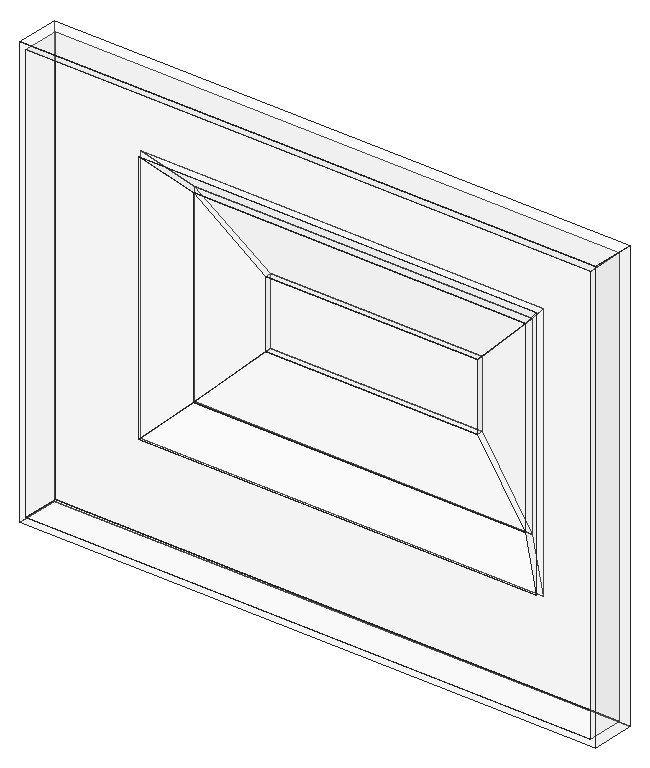
Revit family
Parameters (values of type "200 Watts")
  Wattage Comments = "200"
  Wattage = 200 W
  built-in parameter 1150110 = 1 (stored number, unit not read)
  built-in parameter 1114217 = 1 (stored number, unit not read)
  built-in parameter 1150109 = 1 (stored number, unit not read)
  built-in parameter 1150134 = 4
  built-in parameter 1150113 = 1 (stored number, unit not read)
  Mounting Height = 300 mm
  built-in parameter 1150105 = 763.94 (stored number, unit not read)
  Lumens = 2400 lm
  Material of Lamp Cover = Lamp Cover
  built-in parameter 1150115 = 1 (stored number, unit not read)
  Light Source Symbol Size = 609.6 mm
  built-in parameter 1150137 = (empty or 0)
  built-in parameter 1150139 = (empty or 0)
  built-in parameter 1150112 = 1 (stored number, unit not read)
  built-in parameter 1150114 = 1 (stored number, unit not read)
  built-in parameter 1150132 = (empty or 0)
  built-in parameter 1150102 = (empty or 0)
  built-in parameter 1150107 = 2800 (stored number, unit not read)
  built-in parameter 1150138 = (empty or 0)
  built-in parameter 1150106 = 7.6394 (stored number, unit not read)
  built-in parameter 1150104 = 1.1148 (stored number, unit not read)
  Dimming Lamp Color Temperature Shift = (empty or 0)
  Color Filter = 16777215
  built-in parameter 1114218 = 1 (stored number, unit not read)
  built-in parameter 1150133 = 10 (stored number, unit not read)
Types (2, lengths in mm): name | Wattage Comments | Wattage | built-in parameter 1150105 | Lumens | built-in parameter 1150106
  200 Watts | "200" | 200 W | 763.94 (stored number, unit not read) | 2400 lm | 7.6394 (stored number, unit not read)
  400 Watts | "400" | 400 W | 1527.9 (stored number, unit not read) | 4800 lm | 15.279 (stored number, unit not read)
Reference planes
  plane 1: y = 0
  plane 2 "Light Source Axis (L/R)": x = 125
  plane 3 "Light Source Axis (F/R)": y = 100
  plane 4 "Light Source Elevation": z = 220
  plane 5: z = 300
  plane 6: x = 25
  plane 7: x = 225
  plane 8: y = 75
Forms (mm)
  Sweep 1, solid, material "Lamp Cover" <- "Material of Lamp Cover"
    path origin (0, 75, 0) x (1, 0, 0) y (0, 0, 1)
      loop
        line (225, 300) -> (25, 300) -> (25, 150.373) -> (225, 150.373) -> (225, 300)
    profile origin (125, 0, 0) x (0, 0, -1) y (0, -1, 0)
      loop
        line (-300, -75) -> (-300, -89.932) -> (-269.912, -89.932) -> (-258.697, -99.343)
        arc (-258.697, -99.343) -> (-247.865, -102.495) -> (-236.833, -104.85) r 154.812
        line (-236.833, -104.85) -> (-236.833, -102.819)
        arc (-236.833, -102.819) -> (-247.362, -100.559) -> (-257.706, -97.564) r 152.812
        line (-257.706, -97.564) -> (-269.184, -87.932) -> (-298, -87.932) -> (-298, -75) -> (-300, -75)
  Extrusion 2, solid, material "Lamp Cover" <- "Material of Lamp Cover"
    sketch origin (0, 75, 0) x (1, 0, 0) y (0, 0, 1)
      loop
        line (161.833, 236.833) -> (88.167, 236.833) -> (88.167, 213.54) -> (161.833, 213.54) -> (161.833, 236.833)
    from -27.819 to -29.85
Text (mm)
  text "Placement side" at (-1787.139, 1116.779, 0), in view "Ref. Level"
  text "Placement side" at (0, 2110.396, 2986.058), in view "Left"
  text "Placement side" at (0, 628.478, 3011.967), in view "Right"
Dimensions and locks
  plane 6 to plane 7 = 200 mm
  "Mounting Height": level to plane 5
  locked: plane 4 "Light Source Elevation" to plane 5 at 80
  locked: plane 8 to plane 3 "Light Source Axis (F/R)" at 25
  aligned and locked: plane 1 to host wall
  aligned and locked: plane 8 to host wall
  aligned and locked: plane 7 to Sweep 1 sketch curve
  aligned and locked: Sweep 1 sketch curve to plane 5
  aligned and locked: Sweep 1 sketch curve to plane 6
  aligned and locked: plane 8 to Sweep 1 sketch curve  (x2)
  aligned and locked: profile plane to Sweep 1 sketch curve
  aligned and locked: Extrusion 2 sketch curve to Sweep 1  (x3)
  aligned and locked: Sweep 1 to Extrusion 2 sketch curve
  aligned and locked: Extrusion 2 to Sweep 1  (x2)
  aligned and locked: plane 2 "Light Source Axis (L/R)" to imposter light
  aligned and locked: plane 4 "Light Source Elevation" to imposter light
  aligned and locked: plane 3 "Light Source Axis (F/R)" to imposter light  (x2)
Automatic sketch dimensions
  Sweep 1 sketch curve to plane 4 "Light Source Elevation" = 69.627 mm
  Sweep 1 sketch curve to profile plane = 2 mm
  Sweep 1 sketch curve to Sweep 1 sketch curve = 28.088 mm
  Sweep 1 sketch curve to plane 8 = 12.932 mm
  Sweep 1 sketch curve to Sweep 1 sketch curve = 0.728 mm
  Sweep 1 sketch curve to Sweep 1 sketch curve = 11.216 mm
  Sweep 1 sketch curve to Sweep 1 sketch curve = 0.991 mm
  Sweep 1 sketch curve to Sweep 1 sketch curve = 20.873 mm
  Sweep 1 sketch curve to profile plane = 89.951 mm
  Sweep 1 sketch curve to Sweep 1 sketch curve = 0 mm
  Sweep 1 sketch curve to Sweep 1 sketch curve = 2 mm
  Sweep 1 sketch curve to Sweep 1 sketch curve = 7.632 mm
  Sweep 1 sketch curve to Sweep 1 sketch curve = 1.779 mm
  Sweep 1 sketch curve to Sweep 1 sketch curve = 5.256 mm
  Sweep 1 sketch curve to Sweep 1 sketch curve = 2.031 mm
